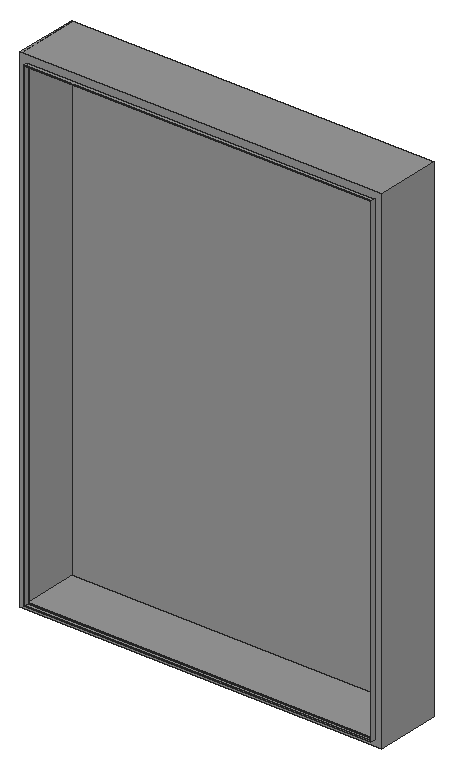
Revit family "Hager-Univers-IP44-D161-Cl.II-FWB-encl--NoHosted-CH-it", category Electrical Equipment, Revit 2020
Family settings
  Panel Configuration = Two Columns, Circuits Across
  Round Connector Dimension = Use Diameter
  Part Type = Panelboard
  Work Plane-Based = Yes
  Always vertical = Yes
  Cut with Voids When Loaded = No
  Shared = No
  Room Calculation Point = No
Parameters (values of type "A parete IP44 L800 A1100 P161  - FWB73D1")
  Width Control [instance] = if([EF000008 - Larghezza] > Min Width, [EF000008 - Larghezza], Min Width)  # 800 mm
  Type Comments = [HG000003 - Gamma]  # "Univers"
  Thickness Door [instance] = if([EF009171 - spessore materiale porta/coperchio] > 3 mm, 3 mm, [EF009171 - spessore materiale porta/coperchio])  # 1 mm
  Seal Frame Offset [instance] = 17 mm  # constant formula
  Plinth Visibility [instance] = [HG000027 - Altezza dello zoccolo] > 0 mm  # no
  Min Width [instance] = 100 mm  # constant formula
  Min Depth [instance] = (2 * [EF009170 - spessore materiale scatola]) + 1 mm  # 5 mm
  Min Height [instance] = 100 mm  # constant formula
  Internal Frame Depth [instance] = (Door System Depth * 0.5)  # 9 mm
  Panel Name [instance] = ""  # (empty or 0)
  Model = ""
  HG000027 - Altezza dello zoccolo = 0 mm
  HG000026 - A pavimento = no
  HG000024 - Altezza della sezione inferiore = 600 mm
  HG000023 - Custodia a doppia sezione = no
  HG000016 - Visibilità delle porte nella vista 3D [instance] = yes
  HG000015 - Visibilità attraverso la porta [instance] = no
  HG000014 - Porta destra [instance] = yes
  HG000013 - Porta sinistra [instance] = not([HG000014 - Porta destra])  # no
  HG000012 - Angolo di apertura della porta [instance] = 30.00°
  HG000010 - Porte asimmetriche = no
  HG000009 - Porta doppia a battente = no
  HG000006 - Ad incasso = no
  HG000004 - Codice produttore = "FWB73D1"
  HG000003 - Gamma = "Univers"
  HG000002 - Con porta = no
  Frame Offset Bottom [instance] = 10 mm  # constant formula
  Frame Offset [instance] = 15 mm  # constant formula
  EF015940 - Coprire con rilascio di sovrapressione = no
  EF011959 - tipo di protezione (NEMA) = ""
  EF009554 - numero delle aperture per la piastra della flangia = 6
  EF009212 - esecuzione coperchio = "EV009916 - con taglio"
  EF009171 - spessore materiale porta/coperchio = 1 mm
  EF009170 - spessore materiale scatola = 2 mm
  EF008873 - corrente nominale (In) = 125 A
  EF007800 - adatto per parafulmine = no
  EF006306 - con serratura = no
  EF006244 - coperchio/porta trasparente = no
  EF005474 - grado di protezione (IP) = "EV006418 - IP44"
  EF004464 - tipo di porta = "EV000494 - senza"
  EF004427 - numero di moduli = 252
  EF004293 - resistenza agli urti = "EV006815 - IK09"
  EF003532 - adatto per uso esterno = no
  EF002950 - Numero moduli DIN = 12
  EF001613 - Integrità del circuito = "EV000494 - senza"
  EF001596 - Attacco Lampada = "EV000179 - acciaio"
  EF001131 - profondità interna = 160 mm
  EF001088 - possibilità di applicazione = yes
  EF000437 - numero di ingressi per conduttori = 12
  EF000339 - tipo di copertura = "EV004216 - porta"
  EF000266 - numero di file = 0
  EF000218 - profondità di incasso = 0 mm
  EF000118 - con piastra di montaggio = no
  EF000116 - numero RAL = "9010"
  EF000049 - profondità = 161 mm
  EF000040 - Altezza = 1100 mm
  EF000008 - Larghezza = 800 mm
  EF000007 - colore = "EV000202 - bianco"
  EF000003 - Tipo di montaggio = "EV000384 - A parete"
  Door System Leaf Tolerance [instance] = 1.5 mm  # constant formula
  Door System Depth [instance] = 18 mm  # constant formula
  Door Height [instance] = Height Control - [HG000027 - Altezza dello zoccolo]  # 1100 mm
  Description = ""
  Default Elevation = 1219.2 mm
  Connector Offset [instance] = Height Control / 2  # 550 mm
  Manufacturer = "Hager"  # constant formula
  Height Control [instance] = if([EF000040 - Altezza] > Min Height, [EF000040 - Altezza], Min Height)  # 1100 mm
  Depth Control [instance] = if([EF000049 - profondità] > Min Depth, [EF000049 - profondità], Min Depth)  # 161 mm
  Bottom Top Plate Trim [instance] = 1.5 mm  # constant formula
  Plinth height Ctrl [instance] = if([HG000027 - Altezza dello zoccolo] > 0 mm, [HG000027 - Altezza dello zoccolo], 12 mm)  # 12 mm
Reference planes
  plane 1 "Center (Front/Back)": y = 0
  plane 2: z = 0
  plane 3 "Center (Left/Right)": x = 0
  plane 4: y = 0
  plane 5: y = 0
  plane 6: z = 0
  plane 7: x = -400
  plane 8: x = 400
  plane 9: x = 398
  plane 10: x = -398
  plane 11: z = 0
  plane 12: z = 2
  plane 13: y = -161
  plane 14: y = -2
  plane 15: x = 0
  plane 16: y = -143
  plane 17: y = -159
  plane 18: y = -141
  plane 19: x = -383
  plane 20: x = 383
  plane 21: z = 12
  plane 22: x = -383
  plane 23: x = 383
  plane 24: z = 0
  plane 25: z = 1100
  plane 26: z = 1100
  plane 27: z = 1083
  plane 28: z = 1098
Forms (mm)
  Extrusion 1, solid, material "Hager_Steel_RAL7035_Light_Grey", detail levels medium+fine
    sketch origin (-208.679, -4572, 0) x (-1, 0, 0) y (0, -1, 0)
      loop
        line (191.321, -4429) -> (-608.679, -4429) -> (-608.679, -4572) -> (191.321, -4572) -> (191.321, -4429)
    from 0 to 1100
  Extrusion 2, void
    sketch origin (-350.771, -161, 1219.2) x (1, 0, 0) y (0, 0, 1)
      loop
        line (-47.229, -121.2) -> (-47.229, -1217.2) -> (748.771, -1217.2) -> (748.771, -121.2) -> (-47.229, -121.2)
    from -20 to -159
  Extrusion 3, void
    sketch origin (-290.084, -143, 1219.2) x (1, 0, 0) y (0, 0, 1)
      loop
        line (-92.916, -1207.2) -> (673.084, -1207.2) -> (673.084, -136.2) -> (-92.916, -136.2) -> (-92.916, -1207.2)
    from 0 to -2
  Extrusion 4, solid, material "Hager_Steel_RAL7035_Light_Grey", visible <- "Plinth Visibility", detail levels medium+fine
    sketch origin (0, 0, 0) x (1, 0, 0) y (0, 1, 0)
      loop
        line (-400, 0) -> (-400, -143) -> (400, -143) -> (400, 0) -> (-400, 0)
    from 0 to 12 <- "Plinth height Ctrl"
  Extrusion 5, solid, material "Hager_Steel_RAL7035_Light_Grey", detail levels coarse
    sketch origin (0, 0, 0) x (1, 0, 0) y (0, 1, 0)
      loop
        line (-400, 0) -> (-400, -161) -> (400, -161) -> (400, 0) -> (-400, 0)
    from 0 to 1100 <- "Height Control"
  Sweep 6, void
    path in 3D
      loop
        line (-400, -143, 12) -> (400, -143, 12) -> (400, 0, 12) -> (-400, 0, 12) -> (-400, -143, 12)
    profile origin (-400, -71.5, 12) x (1, 0, 0) y (0, 0, 1)
      loop
        line (0, 0) -> (0, -1.5) -> (1.5, -1.5)
        arc (1.5, -1.5) -> (1.061, -0.439) -> (0, 0) r 1.5
  Extrusion 7, solid, material "Hager_Steel_RAL7035_Light_Grey", detail levels fine
    sketch origin (-400, -143, 0) x (1, 0, 0) y (0, 0, 1)
      loop
        line (17, 12) -> (783, 12) -> (783, 1083) -> (17, 1083) -> (17, 12)
      loop
        line (16, 11) -> (784, 11) -> (784, 1084) -> (16, 1084) -> (16, 11)
    from 0 to 9 <- "Internal Frame Depth"
Cuts and joins
  Extrusion 2, Extrusion 3 cuts Extrusion 1
  Sweep 6 cuts Extrusion 4
Lines and regions (mm)
  Masking region 1
    outline origin (0, 0, 0) x (1, 0, 0) y (0, 1, 0)
      loop
        line (-400, 0) -> (-400, -161) -> (400, -161) -> (400, 0) -> (-400, 0)
  Masking region 2, detail levels coarse
    outline origin (-290.084, -143, 1219.2) x (-1, 0, 0) y (0, 0, 1)
      loop
        line (-690.084, -1219.2) -> (109.916, -1219.2) -> (109.916, -119.2) -> (-690.084, -119.2) -> (-690.084, -1219.2)
  Masking region 3, detail levels coarse
    outline origin (0, 0, 0) x (0, 1, 0) y (0, 0, 1)
      loop
        line (0, 0) -> (0, 1100) -> (-161, 1100) -> (-161, 0) -> (0, 0)
  Masking region 4, visible <- "Plinth Visibility", detail levels medium+fine
    outline origin (0, 0, 0) x (0, 1, 0) y (0, 0, 1)
      loop
        line (-1.5, 12) -> (-141.5, 12)
        arc (-141.5, 12) -> (-141.939, 10.939) -> (-143, 10.5) r 1.5
        line (-143, 10.5) -> (-143, 0) -> (0, 0) -> (0, 10.5)
        arc (0, 10.5) -> (-1.061, 10.939) -> (-1.5, 12) r 1.5
  Masking region 5, detail levels medium+fine
    outline origin (0, 0, 594.038) x (0, 1, 0) y (0, 0, 1)
      loop
        line (0, -594.038) -> (0, 505.962) -> (-143, 505.962) -> (-143, -594.038) -> (0, -594.038)
  Masking region 6, detail levels medium+fine
    outline origin (-359.7, -143, 1211.883) x (-1, 0, 0) y (0, 0, 1)
      loop
        line (-759.7, -1211.883) -> (40.3, -1211.883) -> (40.3, -111.883) -> (-759.7, -111.883) -> (-759.7, -1211.883)
  Masking region 7, visible <- "Plinth Visibility", detail levels medium+fine
    outline origin (-320.334, -143, 1041.368) x (-1, 0, 0) y (0, 0, 1)
      loop
        line (-720.334, -1041.368) -> (79.666, -1041.368) -> (79.666, -1030.868)
        arc (79.666, -1030.868) -> (78.606, -1030.429) -> (78.166, -1029.368) r 1.5
        line (78.166, -1029.368) -> (-718.834, -1029.368)
        arc (-718.834, -1029.368) -> (-719.273, -1030.429) -> (-720.334, -1030.868) r 1.5
        line (-720.334, -1030.868) -> (-720.334, -1041.368)
  sketch lines
    curve 1: line (-400, 0, 12) -> (-400, -143, 12)
    curve 2: line (-400, -143, 12) -> (400, -143, 12)
    curve 3: line (400, 0, 12) -> (-400, 0, 12)
    curve 4: line (400, -143, 12) -> (400, 0, 12)
Dimensions and locks
  locked: plane 1 "Center (Front/Back)" to plane 5
  "EF009170 - spessore materiale scatola": plane 7 to plane 10
  "EF009170 - spessore materiale scatola": plane 8 to plane 9
  equal spacing: plane 7, plane 3 "Center (Left/Right)", plane 8
  "Width Control": plane 7 to plane 8
  "Depth Control": plane 4 to plane 13
  "EF009170 - spessore materiale scatola": plane 4 to plane 14
  "Height Control": plane 25 to level
  "HG000027 - Altezza dello zoccolo": plane 11 to level
  "EF009170 - spessore materiale scatola": plane 12 to plane 11
  "EF009170 - spessore materiale scatola": plane 17 to plane 13
  "EF009170 - spessore materiale scatola": plane 18 to plane 16
  "Frame Offset Bottom": plane 21 to plane 12
  "Frame Offset": plane 10 to plane 19
  "Frame Offset": plane 9 to plane 20
  "Door System Depth": plane 16 to plane 13
  "Seal Frame Offset": plane 7 to plane 22
  "Seal Frame Offset": plane 8 to plane 23
  "EF009170 - spessore materiale scatola": plane 26 to plane 28
  "Frame Offset": plane 28 to plane 27
  "Connector Offset": plane 2 to connector elem
  "Bottom Top Plate Trim": profile plane to Sweep 6 sketch curve
  "Bottom Top Plate Trim": Sweep 6 sketch curve to Sweep 6 sketch curve
  "Plinth height Ctrl": Masking region 4 sketch curve to level
  "Plinth height Ctrl": Masking region 7 sketch curve to level
  "Thickness Door": Extrusion 7 sketch curve to Extrusion 7 sketch curve  (x4)
  "Bottom Top Plate Trim": radius of Sweep 6 sketch curve
  "Bottom Top Plate Trim": radius of Masking region 4 sketch curve  (x2)
  "Bottom Top Plate Trim": radius of Masking region 7 sketch curve  (x2)
  aligned and locked: Extrusion 2 sketch curve to plane 12
  aligned and locked: Extrusion 2 sketch curve to plane 9
  aligned and locked: Extrusion 2 sketch curve to plane 10
  aligned and locked: Extrusion 2 to plane 14
  aligned and locked: Extrusion 1 sketch curve to plane 4
  aligned and locked: plane 8 to Extrusion 1 sketch curve
  aligned and locked: plane 7 to Extrusion 1 sketch curve
  aligned and locked: Extrusion 2 to plane 18
  aligned and locked: Extrusion 3 sketch curve to plane 19
  aligned and locked: plane 20 to Extrusion 3 sketch curve
  aligned and locked: Extrusion 3 to Extrusion 2
  aligned and locked: Extrusion 3 sketch curve to plane 21
  aligned and locked: plane 3 "Center (Left/Right)" to nested 1
  aligned and locked: Extrusion 1 sketch curve to plane 16
  aligned and locked: Extrusion 4 sketch curve to cut or joined group of Extrusion 1, Extrusion 2, Extrusion 3
  aligned and locked: Masking region 1 sketch curve to plane 7
  aligned and locked: Masking region 1 sketch curve to plane 5
  aligned and locked: Masking region 1 sketch curve to plane 8
  aligned and locked: Masking region 2 sketch curve to level
  aligned and locked: level to Masking region 3 sketch curve
  aligned and locked: plane 1 "Center (Front/Back)" to Masking region 3 sketch curve
  aligned and locked: plane 13 to Masking region 3 sketch curve
  aligned and locked: plane 5 to Masking region 4 sketch curve
  aligned and locked: Masking region 2 sketch curve to plane 8
  aligned and locked: Masking region 2 sketch curve to plane 7
  aligned and locked: plane 7 to nested 2
  aligned and locked: nested 2 to plane 5
  aligned and locked: plane 5 to Masking region 5 sketch curve
  aligned and locked: plane 26 to Masking region 5 sketch curve
  aligned and locked: Extrusion 5 sketch curve to plane 8
  aligned and locked: Extrusion 5 sketch curve to plane 7
  aligned and locked: Extrusion 5 sketch curve to plane 5
  aligned and locked: Extrusion 3 sketch curve to plane 27
  aligned and locked: Extrusion 2 sketch curve to plane 28
  aligned and locked: Masking region 2 to plane 25
  aligned and locked: Extrusion 4 to plane 16
  aligned and locked: profile plane to Sweep 6 sketch curve
  aligned and locked: Masking region 5 sketch curve to plane 24
  aligned and locked: level to Masking region 4 sketch curve
  aligned and locked: Masking region 1 to plane 13
  aligned and locked: nested 1 to plane 16
  aligned and locked: Masking region 3 to plane 25
  aligned and locked: plane 16 to Masking region 4 sketch curve
  aligned and locked: Masking region 5 sketch curve to plane 16
  aligned and locked: plane 24 to plane 11
  aligned and locked: plane 26 to plane 25
  aligned and locked: plane 26 to cut or joined group of Extrusion 1, Extrusion 2, Extrusion 3
  aligned and locked: nested 1 to plane 24
  aligned and locked: Extrusion 1 to Extrusion 3
  aligned and locked: Masking region 6 sketch curve to plane 8
  aligned and locked: Masking region 6 sketch curve to plane 24
  aligned and locked: Masking region 6 sketch curve to plane 7
  aligned and locked: Masking region 6 sketch curve to plane 26
  aligned and locked: Masking region 7 sketch curve to plane 7
  aligned and locked: level to Masking region 7 sketch curve
  aligned and locked: Masking region 7 sketch curve to plane 8
  aligned and locked: Extrusion 7 sketch curve to cut or joined group of Extrusion 1, Extrusion 2, Extrusion 3  (x4)
Automatic sketch dimensions
  plane 19 to Extrusion 3 sketch curve = 0 mm
  Extrusion 3 sketch curve to plane 20 = 0 mm
  Extrusion 3 sketch curve to plane 21 = 0 mm
  Extrusion 4 sketch curve to plane 7 = 0 mm
  Extrusion 4 sketch curve to plane 8 = 0 mm
  Extrusion 4 sketch curve to plane 16 = 0 mm
  Masking region 1 sketch curve to plane 13 = 0 mm
  Masking region 2 sketch curve to plane 25 = 0 mm
  Masking region 3 sketch curve to plane 25 = 0 mm
  Extrusion 5 sketch curve to plane 13 = 0 mm
  profile plane to Sweep 6 sketch curve = 0 mm
Nested families
  nested 1: "EC000058_Univers_Door" at (0, -143, 0), Double <- "HG000009 - Porta doppia a battente", Transparent <- "EF006244 - coperchio/porta trasparente", Angle <- "HG000012 - Angolo di apertura della porta", Door_Right <- "HG000014 - Porta destra", Assymetrical <- "HG000010 - Porte asimmetriche", Door <- "HG000002 - Con porta", Width_Ctrl <- "Width Control", 3d_Door <- "HG000016 - Visibilità delle porte nella vista 3D", Clearance <- "HG000015 - Visibilità attraverso la porta", Door_Left <- "HG000013 - Porta sinistra", Width <- "Width Control", Door_Depth <- "Door System Depth", Leaf_Tolerance <- "Door System Leaf Tolerance", Height <- "Door Height", Lock_Visibility <- "EF006306 - con serratura", Thickness <- "Thickness Door", type "EC000058_Univers_Door", detail levels medium+fine
    with min_wh 3 mm, Width_Ctrl 800 mm, Width 800 mm, Transparent no, Thickness 1 mm, Seal_Material Hager_Rubber, Lock_Visibility no, Lock_Material Hager_Plastic_RAL9005_Jet_Black, Leaf_Width 800 mm, Leaf_Tolerance_External_Sides 0 mm, Leaf_Tolerance 1.5 mm, Leaf_Offset 0 mm, Leaf_Height 1097 mm, Leaf_2_Width 800 mm, Leaf_2_Offset 400 mm, Leaf_1_Width 800 mm, Leaf_1_Offset 400 mm, Height_Ctrl 1100 mm, Height 1100 mm, Glass_Material Hager_Glass, Double_Clearance_Ctrl no, Double no, Door_Right_Ctrl no, Door_Right yes, Door_Material Hager_Steel_RAL7035_Light_Grey, Door_Left_Ctrl no, Door_Left no, Door_Depth 18 mm, Door no, Clearance_Material Hager_Clearance, Clearance_Depth 800 mm, Clearance_Ctrl no, Clearance no, Assymetrical no, Angle 30.00°, 3d_Door yes
  nested 2: "Hager_Enclosure_Symbol" at (-400, 0, 0), Height <- "Depth Control", Width <- "Width Control", type "Hager_Enclosure_Symbol"
    with Width_Ctrl 800 mm, Width 800 mm, Height_Ctrl 161 mm, Height 161 mm, A_Width_Int 10.566 mm, A_Width 126.788 mm, A_Height_Ctrl 140.875 mm, A_Height 140.875 mm
Connectors
  electrical at (0, 0, 550)
    settings: on plane 1 "Center (Front/Back)", index 1, voltage 0 V, apparent load 0 VA, apparent load phase1 0 VA, apparent load phase2 0 VA, apparent load phase3 0 VA, power factor 1, load classification "Other", number of poles 1, system type 30, power factor state 1, is connector primary yes, connector utility no, sub classification motor no, connector description ""
Definition of nested family "EC000058_Univers_Door"
  Parameters (values of type "EC000058_Univers_Door")
    min_wh [instance] = (2 * Thickness) + 1 mm  # 11 mm
    Width_Ctrl [instance] = 400 mm
    Width [instance] = 500 mm
    Transparent [instance] = yes
    Thickness [instance] = 5 mm
    Seal_Material [instance] = none
    Lock_Visibility [instance] = yes
    Lock_Material [instance] = none
    Leaf_Width [instance] = if((Width_Ctrl - 2 * Leaf_Tolerance_External_Sides) > 0 mm, (Width_Ctrl - 2 * Leaf_Tolerance_External_Sides), min_wh)  # 400 mm
    Leaf_Tolerance_External_Sides [instance] = 0 mm  # constant formula
    Leaf_Tolerance [instance] = 1.5 mm
    Leaf_Offset [instance] = 0 mm  # constant formula
    Leaf_Height [instance] = if((Height_Ctrl - 2 * Leaf_Tolerance) > 0 mm, (Height_Ctrl - 2 * Leaf_Tolerance), min_wh)  # 497 mm
    Leaf_2_Width [instance] = if(and(and(Double, Assymetrical), Door_Left), (Leaf_Width / 3) - (Leaf_Tolerance / 2), if(and(and(Double, Assymetrical), Door_Right), (Leaf_Width / 3) * 2 - (Leaf_Tolerance / 2), if(and(Double, not(Assymetrical)), (Leaf_Width / 2) - Leaf_Tolerance, Leaf_Width)))  # 400 mm
    Leaf_2_Offset [instance] = if(and(Double, Assymetrical), Leaf_2_Width / 2, if(and(Double, not(Assymetrical)), Leaf_Width / 4, Leaf_Width / 2))  # 200 mm
    Leaf_1_Width [instance] = if(and(and(Double, Assymetrical), Door_Right), (Leaf_Width / 3) - (Leaf_Tolerance / 2), if(and(and(Double, Assymetrical), Door_Left), (Width / 3) * 2 - (Leaf_Tolerance / 2), if(and(Double, not(Assymetrical)), (Leaf_Width / 2) - Leaf_Tolerance, Leaf_Width)))  # 400 mm
    Leaf_1_Offset [instance] = if(and(Double, Assymetrical), Leaf_1_Width / 2, if(and(Double, not(Assymetrical)), Leaf_Width / 4, Leaf_Width / 2))  # 200 mm
    Height_Ctrl [instance] = if(Height > min_wh, Height, min_wh)  # 500 mm
    Height [instance] = 500 mm
    Glass_Material [instance] = none
    Double_Clearance_Ctrl [instance] = and(Double, Clearance)  # no
    Double [instance] = no
    Door_Right_Ctrl [instance] = and(or(Door_Right, Double), Door)  # yes
    Door_Right [instance] = yes
    Door_Material [instance] = none
    Door_Left_Ctrl [instance] = and(or(Door_Left, Double), Door)  # no
    Door_Left [instance] = no
    Door_Depth [instance] = 30 mm
    Door [instance] = yes
    Default Elevation = 1219.2 mm
    Clearance_Material [instance] = none
    Clearance_Depth [instance] = if(Leaf_1_Width > Leaf_2_Width, Leaf_1_Width, Leaf_2_Width)  # 400 mm
    Clearance_Ctrl [instance] = and(not(Double), Clearance)  # yes
    Clearance [instance] = yes
    Assymetrical [instance] = yes
    Angle [instance] = 30.00°
    3d_Door [instance] = yes
  Reference planes
    plane 1 "Center (Front/Back)": y = 0
    plane 2 "Bottom": z = 0
    plane 3 "Center (Left/Right)": x = 0
    plane 4: z = 500
    plane 5: x = -200
    plane 6: x = 200
    plane 7: z = 500
    plane 8: x = -200
    plane 9: z = 0
    plane 10: x = 200
    plane 11: y = 0
    plane 12: z = 1.5
    plane 13: x = -600
    plane 14: y = -400
    plane 15: x = 600
    plane 16: x = 0
    plane 17: x = 0
    plane 18: x = -200
    plane 19: x = 200
    plane 20: z = 498.5
  Forms (mm)
    Extrusion 1, solid, material <- "Clearance_Material", visible <- "Double_Clearance_Ctrl"
      sketch origin (1200, 0, 0) x (1, 0, 0) y (0, 0, -1)
        loop
          line (-1800, -498.5) -> (-600, -498.5) -> (-600, 0) -> (-1800, 0) -> (-1800, -498.5)
      from 0 to -400
  Dimensions and locks
    equal spacing: plane 5, plane 3 "Center (Left/Right)", plane 6
    "Width_Ctrl": plane 5 to plane 6
    "Leaf_Offset": plane 5 to plane 8
    "Leaf_Offset": plane 6 to plane 10
    "Leaf_Offset": plane 9 to level
    "Leaf_Offset": plane 4 to plane 7
    "Height_Ctrl": plane 4 to level
    "Leaf_Tolerance": plane 12 to plane 9
    locked: plane 11 to plane 1 "Center (Front/Back)"
    "Leaf_1_Offset": plane 18 to plane 16
    "Leaf_2_Offset": plane 17 to plane 19
    "Leaf_1_Width": plane 13 to plane 8
    "Leaf_2_Width": plane 10 to plane 15
    "Clearance_Depth": plane 14 to plane 1 "Center (Front/Back)"
    "Leaf_Tolerance_External_Sides": plane 8 to plane 18
    "Leaf_Tolerance_External_Sides": plane 19 to plane 10
    "Leaf_Tolerance": plane 7 to plane 20
    aligned and locked: level to plane 2 "Bottom"
    aligned and locked: nested 1 to plane 16
    aligned and locked: nested 2 to plane 17
    aligned and locked: Extrusion 1 to plane 13
    aligned and locked: plane 15 to Extrusion 1
    aligned and locked: Extrusion 1 to plane 14
    aligned and locked: plane 12 to nested 1
    aligned and locked: nested 2 to plane 12
    aligned and locked: Extrusion 1 to plane 11
    aligned and locked: plane 20 to Extrusion 1
    aligned and locked: nested 2 to plane 11
    aligned and locked: nested 1 to plane 11
  Automatic sketch dimensions
    Extrusion 1 sketch curve to level = 0 mm
    plane 5 to Extrusion 1 sketch curve = 400 mm
    plane 6 to Extrusion 1 sketch curve = 400 mm
    Extrusion 1 sketch curve to plane 4 = 1.5 mm
  Nested families
    nested 1: "EC000058_Univers_Door_Leaf" at (0, 0, 1.5), Width <- "Leaf_1_Width", visible <- "Door_Left_Ctrl", Leaf_Height <- "Leaf_Height", Angle <- "Angle", 3d_Door <- "3d_Door", Transparent <- "Transparent", Clearance Material <- "Clearance_Material", Clearance <- "Clearance_Ctrl", Door_Material <- "Door_Material", Glass_Material <- "Glass_Material", Door_Depth <- "Door_Depth", Lock_Material <- "Lock_Material", Seal_Material <- "Seal_Material", Lock_Visibility <- "Lock_Visibility", Thickness <- "Thickness", type "EC000058_Univers_Door_Leaf"
      with Width 400 mm, Transparent_Glass_Offset 30 mm, Transparent_Ctrl yes, Transparent yes, Thickness 5 mm, Standard no, Seal_Material none, Seal_D2 8 mm, Seal_D1 1 mm, Offset_Internal_Frame 10 mm, Lock_Width 20 mm, Lock_Visibility_3d yes, Lock_Visibility yes, Lock_Thickness_3 3 mm, Lock_Thickness_2 1 mm, Lock_Thickness_1 3 mm, Lock_Radius_Offset_2 16 mm, Lock_Radius_Offset_1 15 mm, Lock_Radius_2 5 mm, Lock_Radius 6 mm, Lock_Offset 5 mm, Lock_Material none, Lock_Height 80 mm, Lock_Cover_Top_Offset_2d 17 mm, Lock_Cover_Height -65 mm, Leaf_Height 497 mm, Internal_Seal_Thickness 8 mm, Internal_Seal_Depth_2 4.5 mm, Internal_Frame_Depth 25 mm, Glass_Thickness -1 mm, Glass_Offset -2 mm, Glass_Material none, Door_Material none, Door_Depth 30 mm, Clearance Material none, Clearance yes, Angle_Ctrl 30.00°, Angle 30.00°, 3d_Door yes
    nested 2: "EC000058_Univers_Door_Leaf" at (0, 0, 1.5) x (-1, 0, 0) z (0, 0, 1), Width <- "Leaf_2_Width", visible <- "Door_Right_Ctrl", Leaf_Height <- "Leaf_Height", Angle <- "Angle", 3d_Door <- "3d_Door", Transparent <- "Transparent", Clearance Material <- "Clearance_Material", Clearance <- "Clearance_Ctrl", Door_Material <- "Door_Material", Glass_Material <- "Glass_Material", Door_Depth <- "Door_Depth", Lock_Material <- "Lock_Material", Seal_Material <- "Seal_Material", Lock_Visibility <- "Lock_Visibility", Thickness <- "Thickness", type "EC000058_Univers_Door_Leaf"
      with Width 400 mm, Transparent_Glass_Offset 30 mm, Transparent_Ctrl yes, Transparent yes, Thickness 5 mm, Standard no, Seal_Material none, Seal_D2 8 mm, Seal_D1 1 mm, Offset_Internal_Frame 10 mm, Lock_Width 20 mm, Lock_Visibility_3d yes, Lock_Visibility yes, Lock_Thickness_3 3 mm, Lock_Thickness_2 1 mm, Lock_Thickness_1 3 mm, Lock_Radius_Offset_2 16 mm, Lock_Radius_Offset_1 15 mm, Lock_Radius_2 5 mm, Lock_Radius 6 mm, Lock_Offset 5 mm, Lock_Material none, Lock_Height 80 mm, Lock_Cover_Top_Offset_2d 17 mm, Lock_Cover_Height -65 mm, Leaf_Height 497 mm, Internal_Seal_Thickness 8 mm, Internal_Seal_Depth_2 4.5 mm, Internal_Frame_Depth 25 mm, Glass_Thickness -1 mm, Glass_Offset -2 mm, Glass_Material none, Door_Material none, Door_Depth 30 mm, Clearance Material none, Clearance yes, Angle_Ctrl 30.00°, Angle 30.00°, 3d_Door yes
  Definition of nested family "EC000058_Univers_Door_Leaf"
    Parameters (values of type "EC000058_Univers_Door_Leaf")
      Width [instance] = 2000 mm
      Transparent_Glass_Offset [instance] = 30 mm
      Transparent_Ctrl [instance] = and(Transparent, [3d_Door])  # yes
      Transparent [instance] = yes
      Thickness [instance] = 5 mm
      Standard [instance] = and(not(Transparent), [3d_Door])  # no
      Seal_Material [instance] = none
      Seal_D2 [instance] = 8 mm  # constant formula
      Seal_D1 [instance] = 1 mm  # constant formula
      Offset_Internal_Frame [instance] = 10 mm  # constant formula
      Lock_Width [instance] = 20 mm  # constant formula
      Lock_Visibility_3d [instance] = and(Lock_Visibility, [3d_Door])  # yes
      Lock_Visibility [instance] = yes
      Lock_Thickness_3 [instance] = 3 mm  # constant formula
      Lock_Thickness_2 [instance] = 1 mm  # constant formula
      Lock_Thickness_1 [instance] = 3 mm  # constant formula
      Lock_Radius_Offset_2 [instance] = Lock_Radius_Offset_1 + 1 mm  # 16 mm
      Lock_Radius_Offset_1 [instance] = 15 mm  # constant formula
      Lock_Radius_2 [instance] = Lock_Radius - 1 mm  # 5 mm
      Lock_Radius [instance] = 6 mm  # constant formula
      Lock_Offset [instance] = 5 mm  # constant formula
      Lock_Material [instance] = none
      Lock_Height [instance] = 80 mm  # constant formula
      Lock_Cover_Top_Offset_2d [instance] = Lock_Radius_Offset_2 + 1 mm  # 17 mm
      Lock_Cover_Height [instance] = -(Lock_Height - Lock_Radius_Offset_1)  # -65 mm
      Leaf_Height [instance] = 2720.336 mm
      Internal_Seal_Thickness [instance] = 8 mm  # constant formula
      Internal_Seal_Depth_2 [instance] = 4.5 mm  # constant formula
      Internal_Frame_Depth [instance] = if(Door_Depth - Thickness > 5 mm, Door_Depth - Thickness, 5 mm)  # 25 mm
      Glass_Thickness [instance] = if(Thickness > 15 mm, Glass_Offset + 10 mm, -1 mm)  # -1 mm
      Glass_Offset [instance] = if(Thickness > 15 mm, -(Thickness + 10 mm) / 2, -2 mm)  # -2 mm
      Glass_Material [instance] = none
      Door_Material [instance] = none
      Door_Depth [instance] = 30 mm
      Default Elevation = 0 mm
      Clearance Material [instance] = none
      Clearance [instance] = yes
      Angle_Ctrl [instance] = if(Angle > 180.00°, 180.00°, Angle)  # 90.00°
      Angle [instance] = 90.00°
      3d_Door [instance] = yes
    Reference planes
      plane 1 "Center (Front/Back)": y = 0
      plane 2: z = 0
      plane 3 "Center (Left/Right)": x = 0
      plane 4: y = 2000
      plane 5: x = -1000
      plane 6: x = 1000
      plane 7: x = -3000
      plane 8: z = 2720.336
      plane 9: z = 30
      plane 10: z = 2690.336
      plane 11: x = 970
      plane 12: x = -970
      plane 13: y = -3
      plane 14: z = 107.833
      plane 15: y = -5
      plane 16: y = -223.314
      plane 17: x = -1000
      plane 18: z = 1360.168
      plane 19: y = 30
    Forms (mm)
      Extrusion 1, solid, material <- "Clearance Material", visible <- "Clearance"
        sketch origin (0, 0, 0) x (1, 0, 0) y (0, 0, 1)
          loop
            line (-3000, 2720.336) -> (-3000, 0) -> (1000, 0) -> (1000, 2720.336) -> (-3000, 2720.336)
        from 0 to -2000
      Extrusion 2, solid, material <- "Door_Material", visible <- "Standard", detail levels medium+fine
        sketch origin (-1000, 0, 0) x (0, 1, 0) y (-1, 0, 0)
          loop
            line (0, 30) -> (0, 25) -> (2000, 25) -> (2000, 30) -> (0, 30)
        from 0 to 2720.336 <- "Leaf_Height"
      Extrusion 3, solid, material <- "Door_Material", visible <- "Transparent_Ctrl", detail levels medium+fine
        sketch origin (-1000, 0, 0) x (0, 1, 0) y (-1, 0, 0)
          loop
            line (0, 25) -> (2000, 25) -> (2000, 30) -> (0, 30) -> (0, 25)
        from 0 to 2720.336 <- "Leaf_Height"
      Extrusion 4, void
        sketch origin (-1025, 2000, 0) x (0, 1, 0) y (0, 0, -1)
          loop
            line (-30, -2690.336) -> (-30, -30) -> (-1970, -30) -> (-1970, -2690.336) -> (-30, -2690.336)
        from 0 to 5 <- "Thickness"
      Sweep 5, solid, material <- "Seal_Material", visible <- "Transparent_Ctrl", detail levels fine
        path in 3D
          loop
            line (-1025, 30, 30) -> (-1025, 30, 2690.336) -> (-1025, 1970, 2690.336) -> (-1025, 1970, 30) -> (-1025, 30, 30)
        profile origin (-1025, 1000, 30) x (1, 0, 0) y (0, 0, 1)
          loop
            line (0, 0) -> (0, -8) -> (1, -8) -> (1, 0) -> (0, 0)
      Extrusion 6, solid, material <- "Glass_Material", visible <- "Transparent_Ctrl", detail levels medium+fine
        sketch origin (-1030, 0, 0) x (0, 1, 0) y (0, 0, -1)
          loop
            line (1970, -2690.336) -> (1970, -30) -> (30, -30) -> (30, -2690.336) -> (1970, -2690.336)
        from -2 <- "Glass_Offset" to -1 <- "Glass_Thickness"
      Extrusion 7, solid, material <- "Door_Material", visible <- "3d_Door", detail levels medium+fine
        sketch origin (-1025, 2000, 0) x (0, -1, 0) y (0, 0, -1)
          loop
            line (0, -2720.336) -> (2000, -2720.336) -> (2000, 0) -> (0, 0) -> (0, -2720.336)
          loop
            line (1995, -5) -> (5, -5) -> (5, -2715.336) -> (1995, -2715.336) -> (1995, -5)
        from 0 to 25 <- "Internal_Frame_Depth"
      Sweep 8, solid, material <- "Seal_Material", visible <- "Transparent_Ctrl", detail levels fine
        path in 3D
          loop
            line (-1025, 0, 0) -> (-1025, 2000, 0) -> (-1025, 2000, 2720.336) -> (-1025, 0, 2720.336) -> (-1025, 0, 0)
        profile origin (-1025, 0, 1360.168) x (1, 0, 0) y (0, 1, 0)
          loop
            line (0, 10) -> (2.975, 10)
            arc (2.975, 10) -> (4.053, 10.447) -> (4.5, 11.525) r 1.525
            line (4.5, 11.525) -> (4.5, 16.527)
            arc (4.5, 16.527) -> (4.069, 17.569) -> (3.027, 18) r 1.473
            line (3.027, 18) -> (0, 18) -> (0, 10)
      Extrusion 9, solid, material <- "Lock_Material", visible <- "Lock_Visibility_3d", detail levels fine
        sketch origin (-1030, 0, 0) x (0, 1, 0) y (0, 0, -1)
          loop
            arc (1993.5, -1400.168) -> (1994.561, -1399.729) -> (1995, -1398.668) r 1.5
            line (1995, -1398.668) -> (1995, -1320.168) -> (1975, -1320.168) -> (1975, -1398.668)
            arc (1975, -1398.668) -> (1975.439, -1399.729) -> (1976.5, -1400.168) r 1.5
            line (1976.5, -1400.168) -> (1993.5, -1400.168)
        from 3 <- "Lock_Thickness_1" to 0
      Blend 10, solid, material <- "Lock_Material", visible <- "Lock_Visibility_3d", detail levels fine
        base sketch origin (-1033, 0, 0) x (0, 1, 0) y (0, 0, -1)
          loop
            line (1975, -1320.168) -> (1975, -1398.668)
            arc (1975, -1398.668) -> (1975.439, -1399.729) -> (1976.5, -1400.168) r 1.5
            line (1976.5, -1400.168) -> (1993.5, -1400.168)
            arc (1993.5, -1400.168) -> (1994.561, -1399.729) -> (1995, -1398.668) r 1.5
            line (1995, -1398.668) -> (1995, -1320.168) -> (1975, -1320.168)
        top sketch origin (-1033, 0, 0) x (0, 1, 0) y (0, 0, -1)
          loop
            line (1976, -1320.168) -> (1976, -1398.668)
            arc (1976, -1398.668) -> (1976.146, -1399.022) -> (1976.5, -1399.168) r 0.5
            line (1976.5, -1399.168) -> (1993.5, -1399.168)
            arc (1993.5, -1399.168) -> (1993.854, -1399.022) -> (1994, -1398.668) r 0.5
            line (1994, -1398.668) -> (1994, -1320.168) -> (1976, -1320.168)
        from 0 to 1 <- "Lock_Thickness_2"
      Blend 11, solid, material <- "Lock_Material", visible <- "Lock_Visibility_3d", detail levels fine
        base sketch origin (-1034, 0, 0) x (0, 1, 0) y (0, 0, -1)
          loop
            line (1978, -1320.168) -> (1978, -1384.168)
            arc (1978, -1384.168) -> (1985, -1391.168) -> (1992, -1384.168) r 7
            line (1992, -1384.168) -> (1992, -1320.168) -> (1978, -1320.168)
        top sketch origin (-1034, 0, 0) x (0, 1, 0) y (0, 0, -1)
          loop
            line (1991, -1320.168) -> (1979, -1320.168) -> (1979, -1383.168)
            arc (1979, -1383.168) -> (1985, -1389.168) -> (1991, -1383.168) r 6
            line (1991, -1383.168) -> (1991, -1320.168)
        from 0 to 3 <- "Lock_Thickness_3"
      Extrusion 12, solid, material <- "Lock_Material", visible <- "Lock_Visibility_3d", detail levels fine
        sketch origin (-1030, 1975, 1320.168) x (1, 0, 0) y (0, -1, 0)
          loop
            line (-7, -19) -> (-7, -1) -> (0, -1) -> (0, 0) -> (-8, 0) -> (-8, -20) -> (0, -20) -> (0, -19) -> (-7, -19)
        from 0 to -65 <- "Lock_Cover_Height"
      Extrusion 13, void
        sketch origin (-1038, 1995, 1320.168) x (-1, 0, 0) y (0, 0, -1)
          loop
            line (-5, -65) -> (0, -65) -> (-5, -60) -> (-5, -65)
        from 0 to 20 <- "Lock_Width"
      Extrusion 14, void
        sketch origin (-1038, 1975, 1320.168) x (0, -1, 0) y (0, 0, -1)
          loop
            circle (-10, -15.995) r 6
          loop
            circle (-10, -15.995) r 5
        from 0 to 2
      Extrusion 15, solid, material <- "Lock_Material", visible <- "Lock_Visibility_3d", detail levels medium
        sketch origin (-1030, 0, 0) x (0, 1, 0) y (0, 0, -1)
          loop
            arc (1993.5, -1400.168) -> (1994.561, -1399.729) -> (1995, -1398.668) r 1.5
            line (1995, -1398.668) -> (1995, -1320.168) -> (1975, -1320.168) -> (1975, -1398.668)
            arc (1975, -1398.668) -> (1975.439, -1399.729) -> (1976.5, -1400.168) r 1.5
            line (1976.5, -1400.168) -> (1993.5, -1400.168)
        from 8 to 0
    Cuts and joins
      Extrusion 4 cuts Extrusion 3
      Extrusion 13, Extrusion 14 cuts Extrusion 9
      Extrusion 14 cuts Blend 11
      Extrusion 13, Extrusion 14 cuts Extrusion 12
      joined: Extrusion 9, Blend 10, Blend 11, Extrusion 12
      Extrusion 14 cuts Extrusion 15
    Lines and regions (mm)
      Masking region 1, visible <- "Lock_Visibility", detail levels fine
        outline origin (0, 0, 0) x (0, 1, 0) y (0, 0, 1)
          loop
            line (30, 1320.168) -> (33, 1320.168) -> (33, 1400.168) -> (30, 1400.168) -> (30, 1320.168)
      Masking region 2, visible <- "Lock_Visibility", detail levels fine
        outline origin (0, 3.143, 0) x (0, 1, 0) y (0, 0, 1)
          loop
            line (29.857, 1354.168) -> (30.857, 1354.168) -> (30.857, 1366.168) -> (29.857, 1366.168) -> (29.857, 1354.168)
      Masking region 3, detail levels medium+fine
        outline origin (0, 0, 0) x (0, 1, 0) y (0, 0, 1)
          loop
            line (0, 0) -> (30, 0) -> (30, 2720.336) -> (0, 2720.336) -> (0, 0)
      Masking region 4, detail levels medium+fine
        outline origin (0, 0, 0) x (1, 0, 0) y (0, 0, 1)
          loop
            line (-1000, 2720.336) -> (-1000, 0) -> (1000, 0) -> (1000, 2720.336) -> (-1000, 2720.336)
      Masking region 5, visible <- "Lock_Visibility", detail levels fine
        outline origin (-47.116, 0, 0) x (1, 0, 0) y (0, 0, 1)
          loop
            arc (1024.616, 1399.168) -> (1023.556, 1398.729) -> (1023.116, 1397.668) r 1.5
            line (1023.116, 1397.668) -> (1023.116, 1320.168) -> (1041.116, 1320.168) -> (1041.116, 1397.668)
            arc (1041.116, 1397.668) -> (1040.677, 1398.729) -> (1039.616, 1399.168) r 1.5
            line (1039.616, 1399.168) -> (1024.616, 1399.168)
      Masking region 6, visible <- "Lock_Visibility", detail levels medium+fine
        outline origin (-25, 0, 0) x (1, 0, 0) y (0, 0, 1)
          loop
            arc (1001.5, 1400.168) -> (1000.439, 1399.729) -> (1000, 1398.668) r 1.5
            line (1000, 1398.668) -> (1000, 1320.168) -> (1020, 1320.168) -> (1020, 1398.668)
            arc (1020, 1398.668) -> (1019.561, 1399.729) -> (1018.5, 1400.168) r 1.5
            line (1018.5, 1400.168) -> (1001.5, 1400.168)
      Masking region 7, visible <- "Lock_Visibility", detail levels fine
        outline origin (-73.735, 0, 0) x (1, 0, 0) y (0, 0, 1)
          loop
            line (1051.735, 1382.168) -> (1065.735, 1382.168) -> (1065.735, 1384.168)
            arc (1065.735, 1384.168) -> (1058.735, 1391.168) -> (1051.735, 1384.168) r 7
            line (1051.735, 1384.168) -> (1051.735, 1382.168)
      Masking region 8, visible <- "Lock_Visibility", detail levels fine
        outline origin (-73.735, 0, 0) x (1, 0, 0) y (0, 0, 1)
          loop
            line (1052.735, 1382.168) -> (1064.735, 1382.168) -> (1064.735, 1383.168)
            arc (1064.735, 1383.168) -> (1058.735, 1389.168) -> (1052.735, 1383.168) r 6
            line (1052.735, 1383.168) -> (1052.735, 1382.168)
      Masking region 9, visible <- "Lock_Visibility", detail levels fine
        outline origin (-25, 0, 0) x (1, 0, 0) y (0, 0, 1)
          loop
            line (1020, 1320.168) -> (1020, 1382.168) -> (1000, 1382.168) -> (1000, 1320.168) -> (1020, 1320.168)
      Masking region 10, detail levels medium+fine
        outline origin (0, 0, 0) x (1, 0, 0) y (0, 0, 1)
          loop
            circle (985, 1335.144) r 6
      Masking region 11, detail levels fine
        outline origin (0, 0, 0) x (1, 0, 0) y (0, 0, 1)
          loop
            circle (985, 1335.144) r 5
      Masking region 12, visible <- "Lock_Visibility", detail levels fine
        outline origin (0, 12.767, 0) x (0, 1, 0) y (0, 0, 1)
          loop
            line (20.233, 1320.168) -> (21.233, 1320.168) -> (21.233, 1399.168) -> (20.233, 1400.168) -> (20.233, 1320.168)
      Masking region 13, visible <- "Lock_Visibility", detail levels fine
        outline origin (0, 13.767, -10) x (0, 1, 0) y (0, 0, 1)
          loop
            line (20.233, 1330.168) -> (23.233, 1330.168) -> (23.233, 1399.168) -> (20.233, 1402.168) -> (20.233, 1330.168)
      Masking region 14, visible <- "Lock_Visibility", detail levels fine
        outline origin (0, 12.767, -10) x (0, 1, 0) y (0, 0, 1)
          loop
            line (20.233, 1330.168) -> (25.233, 1330.168) -> (25.233, 1399.305) -> (20.233, 1394.305) -> (20.233, 1330.168)
      Masking region 15, visible <- "Lock_Visibility", detail levels medium
        outline origin (0, 0, 0) x (0, 1, 0) y (0, 0, 1)
          loop
            line (30, 1320.168) -> (38, 1320.168) -> (38, 1400.168) -> (30, 1400.168) -> (30, 1320.168)
      Masking region 16, visible <- "Lock_Visibility", detail levels fine
        outline origin (-1000, 0, 0) x (0, 1, 0) y (-1, 0, 0)
          loop
            line (1975, 30) -> (1995, 30) -> (1995, 38) -> (1975, 38) -> (1975, 30)
          loop
            line (1979, 37) -> (1976, 37) -> (1976, 34) -> (1978, 34) -> (1979, 37)
          loop
            line (1994, 37) -> (1991, 37) -> (1992, 34) -> (1994, 34) -> (1994, 37)
      Masking region 17, visible <- "Lock_Visibility", detail levels medium
        outline origin (-1000, 0, 0) x (0, 1, 0) y (-1, 0, 0)
          loop
            line (1975, 30) -> (1995, 30) -> (1995, 38) -> (1975, 38) -> (1975, 30)
      symbolic lines
        curve 1: line (1000, 0, 0) -> (-3000, 0, 0)
        curve 2: arc (1000, 0, 0) -> (-1000, 2000, 0) -> (-3000, 0, 0) r 2000
        curve 4: line (-1030, 0, 0) -> (-1030, 2000, 0)
      reference lines
        curve 3: line (-1000, 0, 0) -> (-1000, 2000, 0)
      symbolic lines, detail levels medium+fine
        curve 5: line (-1030, 2000, 0) -> (-1025, 2000, 0)
        curve 7: line (-1025, 0, 0) -> (-1030, 0, 0)
        curve 8: line (-1025, 0, 0) -> (-1000, 0, 0)
        curve 9: line (-1000, 0, 0) -> (-1000, 2000, 0)
        curve 10: line (-1000, 2000, 0) -> (-1025, 2000, 0)
      symbolic lines, detail levels fine
        curve 6: line (-1025, 2000, 0) -> (-1025, 0, 0)
      sketch lines
        curve 11: line (-1025, 0, 2720.336) -> (-1025, 0, 0)
        curve 12: line (-1025, 2000, 0) -> (-1025, 0, 0)
        curve 13: line (-1025, 2000, 2720.336) -> (-1025, 2000, 0)
        curve 14: line (-1025, 0, 2720.336) -> (-1025, 2000, 2720.336)
        curve 15: line (-1025, 1970, 30) -> (-1025, 30, 30)
        curve 16: line (-1025, 30, 30) -> (-1025, 30, 2690.336)
        curve 17: line (-1025, 1970, 2690.336) -> (-1025, 1970, 30)
        curve 18: line (-1025, 30, 2690.336) -> (-1025, 1970, 2690.336)
      symbolic lines, visible <- "Transparent", detail levels medium+fine
        curve 19: line (-970, 0, 2690.336) -> (970, 0, 2690.336)
        curve 20: line (-970, 0, 30) -> (-970, 0, 2690.336)
        curve 21: line (970, 0, 30) -> (-970, 0, 30)
        curve 22: line (970, 0, 2690.336) -> (970, 0, 30)
    Dimensions and locks
      "Width": plane 1 "Center (Front/Back)" to plane 4
      equal spacing: plane 5, plane 3 "Center (Left/Right)", plane 6
      "Width": plane 5 to plane 6
      "Width": plane 7 to plane 5
      "Leaf_Height": plane 8 to level
      "Width": curve 5 to curve 3
      "Width": curve 3 to curve 3
      plane 8 to plane 10 = 30 mm
      plane 9 to level = 30 mm
      plane 12 to plane 5 = 30 mm
      plane 6 to plane 11 = 30 mm
      Extrusion 1 to Extrusion 4 sketch curve = 30 mm
      "Transparent_Glass_Offset": curve 3 to Extrusion 4 sketch curve
      "Transparent_Glass_Offset": Extrusion 4 sketch curve to cut or joined group of Extrusion 3, Extrusion 4  (x2)
      cut or joined group of Extrusion 3, Extrusion 4 to Extrusion 6 sketch curve = 30 mm
      "Transparent_Glass_Offset": cut or joined group of Extrusion 3, Extrusion 4 to Extrusion 4 sketch curve
      "Thickness": curve 6 to curve 4
      "Thickness": Extrusion 7 sketch curve to Extrusion 7 sketch curve  (x4)
      "Door_Depth": curve 4 to curve 3
      "Offset_Internal_Frame": profile plane to Sweep 8 sketch curve
      "Internal_Seal_Thickness": Sweep 8 sketch curve to Sweep 8 sketch curve
      "Internal_Seal_Depth_2": profile plane to Sweep 8 sketch curve
      "Seal_D1": profile plane to Sweep 5 sketch curve
      "Seal_D2": profile plane to Sweep 5 sketch curve
      "Thickness": Extrusion 2 sketch curve to Extrusion 2 sketch curve
      equal spacing: Extrusion 9 sketch curve, plane 18, Extrusion 9 sketch curve  (x2)
      equal spacing: Masking region 1 sketch curve, plane 18, Masking region 1 sketch curve
      "Lock_Height": Masking region 1 sketch curve to Masking region 1 sketch curve
      "Lock_Radius": Masking region 2 sketch curve to plane 18 to Masking region 2 sketch curve
      Masking region 2 sketch curve to Masking region 1 = 1 mm
      "Door_Depth": plane 19 to plane 1 "Center (Front/Back)"
      "Lock_Thickness_1": Masking region 1 sketch curve to plane 19
      "Lock_Width": Extrusion 9 sketch curve to Extrusion 9 sketch curve
      "Lock_Height": Extrusion 9 sketch curve to Extrusion 9 sketch curve
      "Lock_Offset": cut or joined group of Extrusion 3, Extrusion 4 to Extrusion 9 sketch curve
      equal spacing: plane 8, plane 18, level
      "Lock_Radius_Offset_1": Blend 11 sketch curve to Blend 10
      locked: Blend 10 to Blend 11 sketch curve at 2  (x2)
      locked: var sketch to Blend 11 sketch curve at 1  (x2)
      "Lock_Radius_Offset_2": Blend 11 sketch curve to Blend 10
      locked: Extrusion 12 sketch curve to Extrusion 12 sketch curve at 1  (x3)
      Masking region 6 sketch curve to Masking region 6 sketch curve = 80 mm
      "Lock_Height": Masking region 6 sketch curve to Masking region 6 sketch curve
      "Lock_Width": Masking region 6 sketch curve to Masking region 6 sketch curve
      locked: Masking region 6 to Masking region 5 sketch curve at 1  (x3)
      locked: Masking region 5 to Masking region 7 sketch curve at 2  (x2)
      "Lock_Radius_Offset_1": Masking region 5 to Masking region 7 sketch curve
      "Lock_Radius_Offset_2": Masking region 5 to Masking region 8 sketch curve
      locked: Masking region 7 to Masking region 8 sketch curve at 1  (x2)
      "Lock_Cover_Top_Offset_2d": Masking region 5 to Masking region 9 sketch curve
      equal spacing: Masking region 9, Masking region 10 sketch curve, Masking region 9
      equal spacing: Masking region 9, Masking region 11 sketch curve, Masking region 9
      Extrusion 15 sketch curve to Extrusion 15 sketch curve = 80 mm
      "Lock_Width": Extrusion 15 sketch curve to Extrusion 15 sketch curve
      "Lock_Height": Extrusion 15 sketch curve to Extrusion 15 sketch curve
      equal spacing: Extrusion 15 sketch curve, plane 18, Extrusion 15 sketch curve
      "Lock_Thickness_3": Masking region 13 sketch curve to Masking region 13 sketch curve
      "Lock_Height": Masking region 12 sketch curve to Masking region 12 sketch curve
      locked: Masking region 13 sketch curve to Masking region 1 at 8
      locked: Masking region 14 sketch curve to Masking region 13 at 1
      locked: Masking region 14 sketch curve to Masking region 1 at 10.863
      "Lock_Height": Masking region 15 sketch curve to Masking region 15 sketch curve
      "Lock_Offset": Extrusion 15 sketch curve to cut or joined group of Extrusion 3, Extrusion 4
      "Lock_Offset": plane 6 to Masking region 6 sketch curve
      radius of Sweep 8 sketch curve = 1.525 mm
      radius of Sweep 8 sketch curve = 1.473 mm
      radius of Extrusion 9 sketch curve = 1.5 mm  (x2)
      "Lock_Radius": radius of Extrusion 14 sketch curve
      "Lock_Radius_2": radius of Extrusion 14 sketch curve
      "Lock_Radius": radius of Masking region 10 sketch curve
      "Lock_Radius_2": radius of Masking region 11 sketch curve
      radius of Extrusion 15 sketch curve = 1.5 mm  (x2)
      "Angle_Ctrl": angle plane 1 "Center (Front/Back)" to curve 3
      locked: Masking region 12 sketch curve to Masking region 12 sketch curve (angle 45.00°)
      locked: Masking region 13 sketch curve to Masking region 13 sketch curve (angle 45.00°)
      locked: Masking region 14 sketch curve to Masking region 14 sketch curve (angle 45.00°)
      aligned and locked: level to plane 2
      aligned and locked: Extrusion 1 to curve 1
      aligned and locked: plane 6 to Extrusion 1
      aligned and locked: Extrusion 1 to plane 1 "Center (Front/Back)"
      aligned and locked: plane 4 to Extrusion 1
      aligned and locked: plane 8 to Extrusion 1
      aligned and locked: curve 7 to Extrusion 2 sketch curve
      aligned and locked: curve 5 to Extrusion 2 sketch curve
      aligned and locked: curve 7 to Extrusion 3 sketch curve
      aligned and locked: Extrusion 3 sketch curve to curve 4
      aligned and locked: Extrusion 3 sketch curve to curve 6
      aligned and locked: Extrusion 3 sketch curve to curve 5
      aligned and locked: curve 9 to curve 3
      aligned and locked: Extrusion 7 sketch curve to cut or joined group of Extrusion 3, Extrusion 4  (x4)
      aligned and locked: plane 17 to curve 3
      aligned and locked: plane 1 "Center (Front/Back)" to curve 3
      aligned and locked: plane 17 to plane 5
      aligned and locked: Sweep 8 sketch curve to profile plane
      aligned and locked: Sweep 5 sketch curve to profile plane  (x2)
      aligned and locked: Masking region 1 to Masking region 2 sketch curve
      aligned and locked: plane 19 to Masking region 1 sketch curve
      aligned and locked: plane 1 "Center (Front/Back)" to Masking region 3 sketch curve
      aligned and locked: plane 19 to Masking region 3 sketch curve
      aligned and locked: level to Masking region 3 sketch curve
      aligned and locked: Masking region 3 sketch curve to plane 8
      aligned and locked: plane 17 to Masking region 4 sketch curve
      aligned and locked: level to Masking region 4 sketch curve
      aligned and locked: Masking region 4 sketch curve to plane 8
      aligned and locked: plane 12 to curve 20
      aligned and locked: plane 10 to curve 19
      aligned and locked: plane 11 to curve 22
      aligned and locked: curve 21 to plane 9
      aligned and locked: Extrusion 2 sketch curve to cut or joined group of Extrusion 3, Extrusion 4
      aligned and locked: Blend 10 sketch curve to Extrusion 9  (x4)
      aligned and locked: Extrusion 9 to Blend 10 sketch curve
      aligned and locked: Blend 10 to Blend 11 sketch curve
      aligned and locked: Extrusion 12 sketch curve to Blend 11
      aligned and locked: Extrusion 12 sketch curve to Extrusion 9  (x4)
      aligned and locked: Masking region 5 sketch curve to Masking region 6
      aligned and locked: Masking region 9 sketch curve to Masking region 6  (x3)
      aligned and locked: Masking region 12 sketch curve to Masking region 1
      aligned and locked: Masking region 13 sketch curve to Masking region 1
      aligned and locked: Masking region 12 to Masking region 14
      aligned and locked: Masking region 14 sketch curve to Masking region 1
      aligned and locked: Masking region 15 sketch curve to Masking region 14
      aligned and locked: Masking region 13 sketch curve to Masking region 12
      aligned and locked: Masking region 16 sketch curve to cut or joined group of Extrusion 14, Extrusion 15  (x4)
      aligned and locked: Masking region 16 sketch curve to cut or joined group of Extrusion 9, Blend 10, Blend 11, Extrusion 12, Extrusion 13, Extrusion 14  (x6)
      aligned and locked: cut or joined group of Extrusion 9, Blend 10, Blend 11, Extrusion 12, Extrusion 13, Extrusion 14 to Masking region 16 sketch curve
      aligned and locked: Masking region 17 sketch curve to cut or joined group of Extrusion 14, Extrusion 15  (x3)
      aligned and locked: Masking region 17 sketch curve to cut or joined group of Extrusion 9, Blend 10, Blend 11, Extrusion 12, Extrusion 13, Extrusion 14
      aligned and locked: Masking region 9 to Masking region 8 sketch curve
      aligned and locked: Masking region 9 to Masking region 7 sketch curve
    Automatic sketch dimensions
      plane 1 "Center (Front/Back)" to curve 2 = 0 mm
      curve 2 to plane 5 = 0 mm
      Extrusion 1 sketch curve to level = 0 mm
      Extrusion 1 sketch curve to plane 7 = 0 mm
      Extrusion 1 sketch curve to plane 6 = 0 mm
      Extrusion 1 sketch curve to plane 8 = 0 mm
      Extrusion 3 to Extrusion 6 sketch curve = 30 mm  (x4)
      Masking region 4 sketch curve to plane 6 = 0 mm
      Blend 10 sketch curve to Extrusion 9 = 1.5 mm
      Blend 10 sketch curve to Extrusion 9 = 1 mm
      Extrusion 13 sketch curve to Extrusion 12 = 0 mm  (x2)
      Extrusion 12 to Extrusion 13 sketch curve = 3 mm
      Extrusion 13 sketch curve to Extrusion 12 = 5 mm
      Extrusion 14 sketch curve to Extrusion 14 sketch curve = 0 mm  (x2)
      Extrusion 14 sketch curve to Extrusion 12 = 10 mm
      Extrusion 14 sketch curve to Extrusion 12 = 15.995 mm
      Masking region 5 sketch curve to Masking region 5 sketch curve = 1.5 mm  (x2)
      Masking region 10 sketch curve to plane 18 = 25.024 mm
      Masking region 11 sketch curve to plane 18 = 25.024 mm
      plane 19 to Masking region 14 sketch curve = 3 mm
      Masking region 16 sketch curve to Masking region 16 sketch curve = 3 mm
      curve 4 to curve 3 = 0 mm
      Blend 10 to Blend 11 sketch curve = 0 mm
      Masking region 6 sketch curve to Masking region 6 sketch curve = 1.5 mm  (x2)
      Masking region 6 sketch curve to plane 18 = 40 mm
      plane 19 to Masking region 12 sketch curve = 3 mm
      Masking region 12 sketch curve to Masking region 12 sketch curve = 1 mm
      Masking region 15 sketch curve to plane 19 = 0 mm
      Masking region 15 sketch curve to plane 18 = 40 mm
      radius of Blend 10 sketch curve to Extrusion 9 = 1 mm
Definition of nested family "Hager_Enclosure_Symbol"
  Parameters (values of type "Hager_Enclosure_Symbol")
    Width_Ctrl [instance] = if(Width > 1 mm, Width, 1 mm)  # 102.27 mm
    Width [instance] = 102.27 mm
    Height_Ctrl [instance] = if(Height > 1 mm, Height, 1 mm)  # 66.5 mm
    A_Width_Int [instance] = if(A_Width / 12 > 2 mm, A_Width / 12, 2 mm)  # 4.364 mm
    A_Width [instance] = if(A_Height_Ctrl * 0.9 > 2 mm, A_Height_Ctrl * 0.9, 2 mm)  # 52.369 mm
    A_Height_Ctrl [instance] = if(A_Height > 2 mm, A_Height, 2 mm)  # 58.188 mm
    Height [instance] = 66.5 mm
    A_Height [instance] = Height - (Height / 8)  # 58.188 mm
  Reference planes
    plane 1 "Centre (avant/arrière)": y = 0
    plane 2: z = 0
    plane 3 "Centre (gauche/droite)": x = 0
    plane 4: x = 52.369
    plane 5: y = 33.042
    plane 6: y = 41.77
    plane 7: y = 66.5
    plane 8: x = 26.184
    plane 9: y = 37.406
    plane 10: x = 102.27
    plane 11: y = 66.5
    plane 12: y = 8.313
  Lines and regions (mm)
    Filled region 1, type "Solid_Black", in view "Niveau de réf."
      outline origin (0, 0, 0) x (1, 0, 0) y (0, 1, 0)
        loop
          line (52.369, 66.5) -> (33.188, 54.536) -> (45.365, 45.006) -> (52.369, 66.5)
    Filled region 2, type "Solid_Black", in view "Niveau de réf."
      outline origin (0, 0, 0) x (1, 0, 0) y (0, 1, 0)
        loop
          line (0, 0) -> (102.27, 0) -> (102.27, 66.5) -> (0, 0)
    detail lines, in view "Niveau de réf."
      curve 1: line (0, 8.313, 0) -> (26.184, 41.77, 0)
      curve 2: line (26.184, 41.77, 0) -> (26.184, 33.042, 0)
      curve 3: line (26.184, 33.042, 0) -> (52.369, 66.5, 0)
  Dimensions and locks
    "A_Width": plane 3 "Centre (gauche/droite)" to plane 4
    equal spacing: plane 3 "Centre (gauche/droite)", plane 8, plane 4
    equal spacing: plane 6, plane 9, plane 5
    equal spacing: curve 3, Filled region 1 sketch curve, Filled region 1 sketch curve
    "Height_Ctrl": plane 1 "Centre (avant/arrière)" to plane 11
    "A_Height_Ctrl": plane 11 to plane 12
    equal spacing: plane 11, plane 9, plane 12
    "A_Width_Int": plane 6 to plane 9
    "Width_Ctrl": plane 3 "Centre (gauche/droite)" to plane 10
    angle Filled region 1 sketch curve to curve 3 = 20.00°
    angle curve 3 to Filled region 1 sketch curve = 20.00°
    locked: curve 3 to Filled region 1 sketch curve (angle 90.00°)
    aligned and locked: plane 10 to Filled region 2
    aligned and locked: plane 11 to Filled region 2 sketch curve
    aligned and locked: plane 10 to Filled region 2 sketch curve
    aligned and locked: plane 3 "Centre (gauche/droite)" to curve 1
    aligned and locked: plane 12 to curve 1
    aligned and locked: plane 7 to plane 11
  Automatic sketch dimensions
    Filled region 1 sketch curve to plane 4 = 0 mm
    Filled region 1 sketch curve to plane 7 = 0 mm
    plane 1 "Centre (avant/arrière)" to Filled region 2 sketch curve = 0 mm
    Filled region 2 sketch curve to plane 3 "Centre (gauche/droite)" = 0 mm
    curve 2 to plane 6 = 0 mm
    curve 2 to plane 8 = 0 mm
    curve 3 to plane 4 = 0 mm
    curve 2 to plane 5 = 0 mm
    curve 3 to plane 7 = 0 mm
